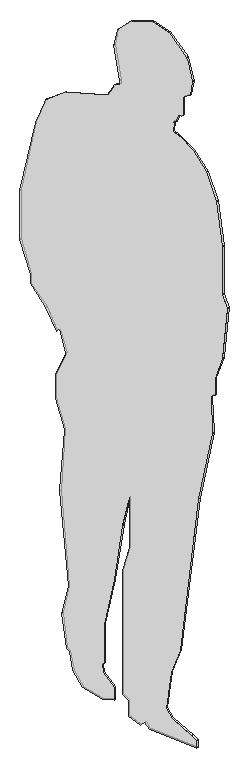
Revit family "Flat Man 10", category Entourage, Revit 2015
Parameters
  Flat Material [instance] = none
  Height = 0 mm
Reference planes
  plane 1 "Center (Front/Back)": y = 0
  plane 2: z = 0
  plane 3 "Center (Left/Right)": x = 0
Forms (mm)
  Extrusion 1, solid, material <- "Flat Material"
    sketch origin (0, 0, 0) x (1, 0, 0) y (0, 0, 1)
      loop
        line (-166.026, 124.166) -> (-155.965, 120.518) -> (-146.717, 73.181) -> (-118.125, 39.574) -> (-61.51, 29.694) -> (-27.078, 39.911) -> (-27.078, 73.181) -> (-58.907, 100.698) -> (-61.51, 121.092) -> (-56.501, 123.241) -> (-56.501, 224.834) -> (-27.859, 349.869) -> (-2.966, 498.652) -> (16.437, 577.885) -> (16.437, 448.586) -> (-4.667, 383.15) -> (-4.667, 62.979) -> (12.67, 52.952) -> (12.67, 11.662) -> (47.726, 0) -> (61.146, 12.68) -> (73.127, 0) -> (210.634, 0) -> (210.634, 20.525) -> (196.524, 26.672) -> (139.129, 51.672) -> (123.339, 70.574) -> (137.733, 169.069) -> (162.495, 234.306) -> (215.94, 644.392) -> (256.034, 826.805) -> (251.418, 920.99) -> (264.191, 927.559) -> (264.191, 972.712) -> (285.308, 1030.55) -> (300.002, 1165.211) -> (285.461, 1195.171) -> (285.461, 1320.372) -> (267.79, 1429.781) -> (239.365, 1495.75) -> (200.165, 1537.771) -> (162.123, 1559.011) -> (154.468, 1563.28) -> (142.298, 1565.191) -> (145.817, 1587.521) -> (142.692, 1591.591) -> (149.881, 1591.591) -> (159.15, 1612.171) -> (165.314, 1612.171) -> (171.85, 1618.7) -> (171.85, 1664.881) -> (192.178, 1676.87) -> (198.894, 1714.241) -> (185.314, 1759.201) -> (181.686, 1771.212) -> (131.932, 1817.171) -> (83.007, 1828.772) -> (21.446, 1809.031) -> (-18.32, 1773.451) -> (-28.505, 1727.362) -> (-10.818, 1642.99) -> (-10.818, 1632.992) -> (-26.207, 1627.281) -> (-46.526, 1593.99) -> (-167.866, 1559.231) -> (-225.791, 1518.511) -> (-229.288, 1510.361) -> (-254.877, 1450.59) -> (-299.483, 1259.731) -> (-299.483, 1132.49) -> (-268.435, 1053.171) -> (-268.435, 1028.542) -> (-224.417, 984.037) -> (-194.465, 932.608) -> (-186.026, 938.965) -> (-166.695, 884.418) -> (-197.388, 819.473) -> (-197.388, 758.928) -> (-170.461, 687.923) -> (-184.166, 524.307) -> (-160.028, 287.458) -> (-178.093, 211.588) -> (-166.026, 124.166)
    from -2.5 to 2.5
Lines and regions (mm)
  model lines
    curve 1: line (-150, 0, 0) -> (150, 0, 0)
    curve 2: line (0, -150, 0) -> (0, 150, 0)
Dimensions and locks
  aligned and locked: level to plane 2
